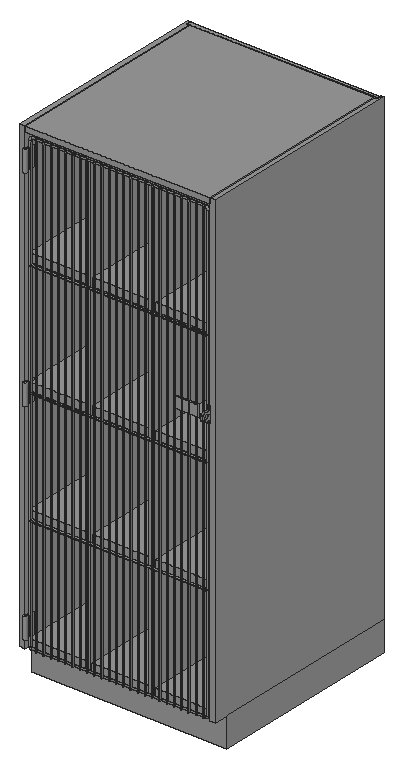
Revit family "TMI_M3003-Music_Wire Grille Doors1", category Casework, Revit 2016
Family settings
  OmniClass Number = 23.40.35.14.11
  OmniClass Title = Modular Casework
  Work Plane-Based = No
  Always vertical = Yes
  Cut with Voids When Loaded = No
  Shared = No
  Room Calculation Point = No
Parameters (values of type "27" x 68-5/8" x 29"")
  URL = "www.tmisystems.com"
  Toe Kick Height = 4"
  Toe Kick Depth = 2"
  Shelf Thickness = 1 1/8"
  Model = "M3003/M5003"
  Manufacturer = "TMI Systems Corporation"
  Interior Finish = none
  Individual Wire Grille Doors [instance] = not(Full Height Wire Grille Door)  # no
  Full Height Wire Grille Door [instance] = yes
  Filler Width (Hinge) [instance] = 3"
  Filler (Pull Side) [instance] = no
  Filler (Hinge Side) [instance] = no
  Filler Width (Pull) [instance] = 3"
  Description = "Clarinet, Flute, Oboe, Piccolo"
  Depth = 29"
  Height = 68 5/8"
  Width = 27"
  Casework Thickness = 3/4"
  Casework Back Thickness = 1/2"
  Cabinet Finish = Plastic Laminate
  Assembly Code = ""
Types (2): name | Depth
  27" x 68-5/8" x 29" | 29"
  27" x 68-5/8" x 39" | 39"
Reference planes (in)
  plane 1 "Back": y = 15
  plane 2: z = 0
  plane 3 "Center (Left/Right)": x = 0.7377
  plane 4 "Left": x = -12.7623
  plane 5 "Right": x = 14.2377
  plane 6 "Front": y = -14
  plane 7 "Top": z = 68.625
  plane 8: y = 14.375
  plane 9: x = -12.0123
  plane 10: x = 13.4877
  plane 11: z = 67.875
  plane 12: y = 14.875
  plane 13: y = -12
  plane 14: z = 4
  plane 15: z = 5.125
  plane 16: y = -13.61906
  plane 17: z = 52.75
  plane 18: y = -11.25
  plane 19: y = -13.25
  plane 20: x = -4.0123
  plane 21: x = -3.2623
  plane 22: x = -3.6373
  plane 23: x = 5.4877
  plane 24: x = 4.7377
  plane 25: x = 5.1127
  plane 26: z = 36.875
  plane 27: z = 21
  plane 28: y = -13.49461
  plane 29: z = 67.375
  plane 30: x = 13.8627
  plane 31: x = -12.3873
  plane 32: y = -13.60344
Forms (in)
  Extrusion 1, solid, material "Plastic Laminate" <- "Cabinet Finish"
    sketch origin (0, 0.21844, 0) x (1, 0, 0) y (0, 1, 0)
      loop
        line (-12.7623, 14.78156) -> (-12.7623, -14.21844) -> (-12.0123, -14.21844) -> (-12.0123, 14.15656) -> (-12.38677, 14.15656) -> (-12.38677, 14.78156) -> (-12.7623, 14.78156)
      loop
        line (13.86077, 14.78156) -> (13.86077, 14.15656) -> (13.4877, 14.15656) -> (13.4877, -14.21844) -> (14.2377, -14.21844) -> (14.2377, 14.78156) -> (13.86077, 14.78156)
    from 4 to 68.625
  Extrusion 2, solid, material "Plastic Laminate" <- "Cabinet Finish"
    sketch origin (0.84915, 11.94613, -1.44731) x (1, 0, 0) y (0, 0, 1)
      loop
        line (-12.86145, 6.57231) -> (-12.86145, 5.44731) -> (12.63855, 5.44731) -> (12.63855, 6.57231) -> (-12.86145, 6.57231)
    from -2.42887 to 25.54956
  Extrusion 3, solid, material "Plastic Laminate" <- "Cabinet Finish"
    sketch origin (0, 0, 0) x (1, 0, 0) y (0, 1, 0)
      loop
        line (-12.38677, 14.875) -> (-12.38677, 14.375) -> (13.86077, 14.375) -> (13.86077, 14.875) -> (-12.38677, 14.875)
    from 68.625 to 4
  Extrusion 4, solid, material "Plastic Laminate" <- "Cabinet Finish", visible <- "Filler (Pull Side)"
    sketch origin (0, -14, 0) x (1, 0, 0) y (0, 0, 1)
      loop
        line (14.2377, 68.625) -> (14.2377, 4) -> (17.2377, 4) -> (17.2377, 68.625) -> (14.2377, 68.625)
    from -0.75 to 0
  Extrusion 5, solid, material "Plastic Laminate" <- "Cabinet Finish", visible <- "Filler (Hinge Side)"
    sketch origin (0, -14, 0) x (1, 0, 0) y (0, 0, 1)
      loop
        line (-15.7623, 68.625) -> (-15.7623, 4) -> (-12.7623, 4) -> (-12.7623, 68.625) -> (-15.7623, 68.625)
    from -0.75 to 0
  Extrusion 6, solid, material "Wood"
    sketch origin (0, 0, 0) x (1, 0, 0) y (0, 0, 1)
      loop
        line (14.2377, 4) -> (-12.7623, 4) -> (-12.7623, 0) -> (14.2377, 0) -> (14.2377, 4)
    from -15 to 12
  Extrusion 7, solid, material "Wood", visible <- "Filler (Pull Side)"
    sketch origin (0, 0, 0) x (1, 0, 0) y (0, 0, 1)
      loop
        line (17.2377, 4) -> (14.2377, 4) -> (14.2377, 0) -> (17.2377, 0) -> (17.2377, 4)
    from 11.25 to 12
  Extrusion 8, solid, material "Wood", visible <- "Filler (Hinge Side)"
    sketch origin (0, 0, 0) x (1, 0, 0) y (0, 0, 1)
      loop
        line (-12.7623, 4) -> (-15.7623, 4) -> (-15.7623, 0) -> (-12.7623, 0) -> (-12.7623, 4)
    from 11.25 to 12
  Extrusion 9, solid, material "Plastic Laminate" <- "Cabinet Finish", visible <- "Full Height Wire Grille Door"
    sketch origin (-6, -14, 0) x (1, 0, 0) y (0, 0, 1)
      loop
        line (1.9877, 67.875) -> (1.9877, 4) -> (2.7377, 4) -> (2.7377, 67.875) -> (1.9877, 67.875)
    from -28.375 to -0.38094
  Extrusion 10, solid, material "Plastic Laminate" <- "Cabinet Finish"
    sketch origin (0, -14, 0) x (1, 0, 0) y (0, 0, 1)
      loop
        line (-12.0123, 52.75) -> (-12.0123, 51.625) -> (13.4877, 51.625) -> (13.4877, 52.75) -> (-12.0123, 52.75)
      loop
        line (-12.0123, 36.875) -> (-12.0123, 35.75) -> (13.4877, 35.75) -> (13.4877, 36.875) -> (-12.0123, 36.875)
      loop
        line (-12.0123, 19.875) -> (13.4877, 19.875) -> (13.4877, 21) -> (-12.0123, 21) -> (-12.0123, 19.875)
    from -28.375 to -0.50539
  Extrusion 11, solid, material "Plastic Laminate" <- "Cabinet Finish", visible <- "Full Height Wire Grille Door"
    sketch origin (67.5, -14, 0) x (1, 0, 0) y (0, 0, 1)
      loop
        line (-62.7623, 67.875) -> (-62.7623, 4) -> (-62.0123, 4) -> (-62.0123, 67.875) -> (-62.7623, 67.875)
    from -28.375 to -0.38094
  Extrusion 12, solid, material "Plastic Laminate" <- "Cabinet Finish"
    sketch origin (0, 15, 0) x (1, 0, 0) y (0, 0, 1)
      loop
        line (-12.0123, 68.625) -> (-12.0123, 67.875) -> (13.4877, 67.875) -> (13.4877, 68.625) -> (-12.0123, 68.625)
    from 0.625 to 29
  Extrusion 13, solid, material "Plastic Laminate" <- "Cabinet Finish", visible <- "Individual Wire Grille Doors"
    sketch origin (32, -14, 0) x (1, 0, 0) y (0, 0, 1)
      loop
        line (-36.0123, 67.875) -> (-36.0123, 4) -> (-35.2623, 4) -> (-35.2623, 67.875) -> (-36.0123, 67.875)
    from -28.375 to 0
  Extrusion 14, solid, material "Plastic Laminate" <- "Cabinet Finish", visible <- "Individual Wire Grille Doors"
    sketch origin (105.5, -14, 0) x (1, 0, 0) y (0, 0, 1)
      loop
        line (-100.7623, 67.875) -> (-100.7623, 4) -> (-100.0123, 4) -> (-100.0123, 67.875) -> (-100.7623, 67.875)
    from -28.375 to 0
Lines and regions (in)
  Masking region 1
    outline origin (44.5, 0, 0) x (1, 0, 0) y (0, 1, 0)
      loop
        line (-57.2623, 15) -> (-57.2623, -14) -> (-30.2623, -14) -> (-30.2623, 15) -> (-57.2623, 15)
  Masking region 2, visible <- "Filler (Hinge Side)"
    outline origin (0, 0, 0) x (1, 0, 0) y (0, 1, 0)
      loop
        line (-15.7623, -13.25) -> (-15.7623, -14) -> (-12.7623, -14) -> (-12.7623, -13.25) -> (-15.7623, -13.25)
  Masking region 3, visible <- "Filler (Pull Side)"
    outline origin (0, 0, 0) x (1, 0, 0) y (0, 1, 0)
      loop
        line (14.2377, -13.25) -> (14.2377, -14) -> (17.2377, -14) -> (17.2377, -13.25) -> (14.2377, -13.25)
  symbolic lines, style "CaseworkHiddenLines"
    curve 1: line (-4.8248, -14, 0) -> (-4.9498, -14, 0)
    curve 2: line (-12.7623, -13.61906, 25.3129) -> (-12.7623, -13.61906, 24.5629)
    curve 4: line (4.1752, -14, 0) -> (4.0502, -14, 0)
    curve 5: line (6.3002, -14, 0) -> (6.4252, -14, 0)
  symbolic lines, style "CaseworkHiddenLines", not visible
    curve 3: line (-12.7623, -13.61906, 25.3129) -> (-12.7623, -13.61906, 24.5629)
Dimensions and locks (in)
  "Width": plane 4 "Left" to plane 5 "Right"
  equal spacing: plane 4 "Left", plane 3 "Center (Left/Right)", plane 5 "Right"
  "Casework Thickness": plane 4 "Left" to plane 9
  "Casework Thickness": plane 10 to plane 5 "Right"
  "Casework Thickness": plane 7 "Top" to plane 11
  "Filler Width (Pull)": plane 5 "Right" to Extrusion 4
  "Filler Width (Hinge)": Extrusion 5 to plane 4 "Left"
  "Depth": plane 6 "Front" to plane 1 "Back"
  locked: plane 12 to plane 1 "Back" at 0.125
  "Toe Kick Depth": plane 13 to plane 6 "Front"
  "Toe Kick Height": plane 14 to level
  "Height": plane 7 "Top" to level
  "Shelf Thickness": Extrusion 10 sketch curve to Extrusion 10 sketch curve  (x3)
  locked: plane 6 "Front" to plane 16 at 0.38094
  locked: plane 6 "Front" to plane 19 at 0.75
  locked: plane 18 to plane 13 at 0.75
  equal spacing: plane 21, plane 22, plane 20
  "Casework Thickness": plane 21 to plane 20
  equal spacing: plane 24, plane 25, plane 23
  "Casework Thickness": plane 24 to plane 23
  plane 16 to plane 28 = 0.12445"
  locked: plane 11 to plane 29 at 0.5
  "Shelf Thickness": plane 15 to plane 14
  equal spacing: plane 7 "Top", plane 17, plane 26, plane 27, plane 15
  equal spacing: plane 31, plane 22, plane 25, plane 30
  equal spacing: plane 4 "Left", plane 31, plane 9
  equal spacing: plane 10, plane 30, plane 5 "Right"
  "Casework Back Thickness": plane 12 to plane 8
  locked: plane 16 to plane 32 at 0.01562
  aligned and locked: plane 2 to level
  aligned and locked: Extrusion 1 sketch curve to plane 4 "Left"
  aligned and locked: Extrusion 1 sketch curve to plane 9
  aligned and locked: Extrusion 1 sketch curve to plane 10
  aligned and locked: Extrusion 1 sketch curve to plane 5 "Right"
  aligned and locked: Extrusion 1 to plane 1 "Back"  (x2)
  aligned and locked: plane 8 to Extrusion 3 sketch curve
  aligned and locked: Extrusion 1 to plane 7 "Top"
  aligned and locked: plane 7 "Top" to Extrusion 4 sketch curve
  aligned and locked: Extrusion 4 sketch curve to plane 5 "Right"
  aligned and locked: plane 7 "Top" to Extrusion 5 sketch curve
  aligned and locked: Extrusion 7 to Extrusion 6
  aligned and locked: Extrusion 8 to Extrusion 6
  aligned and locked: plane 14 to Extrusion 8
  aligned and locked: plane 14 to Extrusion 6
  aligned and locked: plane 14 to Extrusion 7
  aligned and locked: Extrusion 4 to plane 14
  aligned and locked: Extrusion 5 to plane 14
  aligned and locked: Extrusion 1 to plane 14
  aligned and locked: Extrusion 2 to plane 14
  aligned and locked: plane 15 to Extrusion 2
  aligned and locked: Extrusion 6 to Extrusion 1
  aligned and locked: plane 1 "Back" to Masking region 1 sketch curve
  aligned and locked: Extrusion 8 to plane 13
  aligned and locked: plane 11 to Extrusion 9 sketch curve
  aligned and locked: plane 9 to Extrusion 10 sketch curve  (x2)
  aligned and locked: Extrusion 10 sketch curve to plane 9
  aligned and locked: plane 10 to Extrusion 10 sketch curve
  aligned and locked: Extrusion 10 sketch curve to plane 10  (x2)
  aligned and locked: plane 8 to Extrusion 10
  aligned and locked: plane 4 "Left" to Masking region 2 sketch curve
  aligned and locked: Masking region 3 sketch curve to plane 5 "Right"
  aligned and locked: Extrusion 10 to plane 17  (x2)
  aligned and locked: plane 6 "Front" to Extrusion 1  (x2)
  aligned and locked: plane 6 "Front" to Extrusion 4
  aligned and locked: plane 6 "Front" to Extrusion 5
  aligned and locked: curve 3 to plane 16
  aligned and locked: plane 18 to Extrusion 7
  aligned and locked: Extrusion 4 to plane 19
  aligned and locked: Extrusion 5 to plane 19
  aligned and locked: plane 18 to Extrusion 8
  aligned and locked: Extrusion 8 to Extrusion 5
  aligned and locked: Masking region 2 to Extrusion 5
  aligned and locked: Masking region 2 to plane 19
  aligned and locked: Extrusion 4 to Extrusion 7
  aligned and locked: Masking region 3 to Extrusion 4
  aligned and locked: Masking region 3 to plane 19
  aligned and locked: plane 27 to Extrusion 10
  aligned and locked: Extrusion 10 to plane 26
  aligned and locked: Extrusion 2 to plane 9
  aligned and locked: Extrusion 10 to plane 28
  aligned and locked: plane 16 to Extrusion 11
  aligned and locked: Extrusion 2 to plane 10
  aligned and locked: plane 8 to Extrusion 11
  aligned and locked: Extrusion 12 sketch curve to plane 11
  aligned and locked: plane 9 to Extrusion 12 sketch curve
  aligned and locked: Extrusion 12 sketch curve to plane 10
  aligned and locked: plane 6 "Front" to Extrusion 12
  aligned and locked: Extrusion 11 to plane 24
  aligned and locked: Extrusion 11 to plane 23
  aligned and locked: plane 9 to Extrusion 1
  aligned and locked: plane 6 "Front" to Masking region 1
  aligned and locked: Extrusion 12 to plane 7 "Top"
  aligned and locked: plane 8 to Extrusion 12
  aligned and locked: Extrusion 3 to Extrusion 1  (x2)
  aligned and locked: plane 8 to Extrusion 2
  aligned and locked: Extrusion 3 to plane 14
  aligned and locked: Extrusion 3 to plane 7 "Top"
  aligned and locked: plane 9 to nested 13
  aligned and locked: nested 13 to plane 14
  aligned and locked: nested 13 to plane 6 "Front"
  aligned and locked: nested 1 to plane 14
  aligned and locked: nested 2 to plane 14
  aligned and locked: nested 3 to plane 14
  aligned and locked: plane 29 to nested 10
  aligned and locked: plane 29 to nested 11
  aligned and locked: plane 29 to nested 12
  aligned and locked: nested 10 to plane 6 "Front"
  aligned and locked: nested 7 to plane 6 "Front"
  aligned and locked: nested 4 to plane 6 "Front"
  aligned and locked: nested 1 to plane 6 "Front"
  aligned and locked: nested 11 to plane 6 "Front"
  aligned and locked: nested 8 to plane 6 "Front"
  aligned and locked: nested 5 to plane 6 "Front"
  aligned and locked: nested 2 to plane 6 "Front"
  aligned and locked: nested 12 to plane 6 "Front"
  aligned and locked: nested 9 to plane 6 "Front"
  aligned and locked: nested 6 to plane 6 "Front"
  aligned and locked: nested 3 to plane 6 "Front"
  aligned and locked: nested 10 to plane 23
  aligned and locked: nested 7 to plane 23
  aligned and locked: nested 4 to plane 23
  aligned and locked: nested 1 to plane 23
  aligned and locked: nested 11 to plane 21
  aligned and locked: nested 8 to plane 21
  aligned and locked: nested 5 to plane 21
  aligned and locked: nested 2 to plane 21
  aligned and locked: plane 9 to nested 12
  aligned and locked: plane 9 to nested 9
  aligned and locked: plane 9 to nested 6
  aligned and locked: plane 9 to nested 3
  aligned and locked: plane 6 "Front" to Extrusion 13
  aligned and locked: plane 6 "Front" to Extrusion 14
  aligned and locked: plane 8 to Extrusion 13
  aligned and locked: plane 8 to Extrusion 14
  aligned and locked: Extrusion 13 to plane 11
  aligned and locked: Extrusion 14 to plane 11
  aligned and locked: Extrusion 13 to plane 20
  aligned and locked: Extrusion 13 to plane 21
  aligned and locked: Extrusion 14 to plane 24
  aligned and locked: Extrusion 14 to plane 23
  aligned and locked: Extrusion 10 to nested 4
  aligned and locked: Extrusion 10 to nested 5
  aligned and locked: Extrusion 10 to nested 6
  aligned and locked: Extrusion 10 to nested 7
  aligned and locked: Extrusion 10 to nested 8
  aligned and locked: Extrusion 10 to nested 9
  aligned and locked: plane 32 to Extrusion 2
  aligned and locked: Extrusion 13 to plane 14
  aligned and locked: Extrusion 9 to plane 14
  aligned and locked: Extrusion 11 to plane 14
  aligned and locked: Extrusion 14 to plane 14
  aligned and locked: plane 8 to Extrusion 9
Automatic sketch dimensions
  curve 1 to level = 0"
  curve 4 to level = 0"
  curve 5 to level = 0"
  curve 1 to plane 20 = 15/16"
  curve 1 to curve 1 = 1/8"
  curve 4 to plane 24 = 11/16"
  curve 4 to curve 4 = 1/8"
  curve 5 to plane 23 = 13/16"
  curve 5 to curve 5 = 1/8"
  plane 1 "Back" to Extrusion 1 sketch curve = 0"  (x2)
  Extrusion 1 sketch curve to plane 8 = 0"  (x2)
  plane 6 "Front" to Extrusion 1 sketch curve = 0"  (x2)
  Extrusion 1 sketch curve to plane 31 = 0.00052"
  plane 30 to Extrusion 1 sketch curve = 0.00194"
  Extrusion 2 sketch curve to plane 9 = 0"
  plane 10 to Extrusion 2 sketch curve = 0"
  Extrusion 2 sketch curve to plane 14 = 0"
  Extrusion 2 sketch curve to plane 15 = 0"
  Extrusion 3 sketch curve to plane 12 = 0"
  Extrusion 3 sketch curve to plane 31 = 0.00052"
  plane 30 to Extrusion 3 sketch curve = 0.00194"
  Extrusion 4 sketch curve to plane 14 = 0"
  Extrusion 4 sketch curve to plane 5 "Right" = 3"
  Extrusion 5 sketch curve to plane 14 = 0"
  plane 4 "Left" to Extrusion 5 sketch curve = 0"
  Extrusion 5 sketch curve to Extrusion 5 sketch curve = 3"
  plane 4 "Left" to Extrusion 6 sketch curve = 0"
  Extrusion 6 sketch curve to level = 0"
  plane 5 "Right" to Extrusion 6 sketch curve = 0"
  Extrusion 6 sketch curve to plane 14 = 0"
  plane 5 "Right" to Extrusion 7 sketch curve = 0"
  Extrusion 7 sketch curve to level = 0"
  Extrusion 7 sketch curve to plane 14 = 0"
  Extrusion 7 sketch curve to plane 5 "Right" = 3"
  Extrusion 8 sketch curve to plane 14 = 0"
  Extrusion 8 sketch curve to level = 0"
  plane 4 "Left" to Extrusion 8 sketch curve = 0"
  Extrusion 8 sketch curve to Extrusion 8 sketch curve = 3"
  Masking region 1 sketch curve to plane 4 "Left" = 0"
  Masking region 1 sketch curve to plane 5 "Right" = 0"
  plane 6 "Front" to Masking region 1 sketch curve = 0"
  Extrusion 9 sketch curve to plane 20 = 0"
  plane 21 to Extrusion 9 sketch curve = 0"
  Extrusion 10 sketch curve to plane 27 = 0"
  Extrusion 10 sketch curve to plane 26 = 0"
  Extrusion 10 sketch curve to plane 17 = 0"
  plane 6 "Front" to Masking region 2 sketch curve = 0"
  plane 19 to Masking region 2 sketch curve = 0"
  plane 4 "Left" to Masking region 2 sketch curve = 3"
  plane 6 "Front" to Masking region 3 sketch curve = 0"
  plane 19 to Masking region 3 sketch curve = 0"
  Masking region 3 sketch curve to Masking region 3 sketch curve = 3"
  Extrusion 11 sketch curve to plane 15 = 1 1/8"
  Extrusion 11 sketch curve to plane 24 = 0"
  plane 23 to Extrusion 11 sketch curve = 0"
  Extrusion 11 sketch curve to plane 11 = 0"
  Extrusion 12 sketch curve to plane 7 "Top" = 0"
  Extrusion 13 sketch curve to plane 15 = 1 1/8"
  Extrusion 13 sketch curve to plane 11 = 0"
  plane 5 "Right" to Extrusion 13 sketch curve = 18 1/4"
  Extrusion 13 sketch curve to Extrusion 13 sketch curve = 3/4"
  Extrusion 14 sketch curve to plane 15 = 1 1/8"
  Extrusion 14 sketch curve to plane 11 = 0"
  plane 5 "Right" to Extrusion 14 sketch curve = 9 1/2"
  Extrusion 14 sketch curve to Extrusion 14 sketch curve = 3/4"
  plane 27 to curve 2 = 3.5629"
  curve 2 to curve 2 = 3/4"
  Extrusion 9 sketch curve to plane 15 = 1 1/8"
Nested families (in)
  nested 1: "Individual Wire Grille Doors 27in Wide" at (9.48685, -13.76369, 4), visible <- "Individual Wire Grille Doors", type "Individual Wire Grille Doors 27in Wide"
    with Number of Verticle Bars 6, Bar Spacing 1"
  nested 2: "Individual Wire Grille Doors 27in Wide" at (0.73685, -13.76369, 4), visible <- "Individual Wire Grille Doors", type "Individual Wire Grille Doors 27in Wide"
    with Number of Verticle Bars 6, Bar Spacing 1"
  nested 3: "Individual Wire Grille Doors 27in Wide" at (-8.01315, -13.76369, 4), visible <- "Individual Wire Grille Doors", type "Individual Wire Grille Doors 27in Wide"
    with Number of Verticle Bars 6, Bar Spacing 1"
  nested 4: "Individual Wire Grille Doors 27in Wide" at (9.48685, -13.76369, 19.875), visible <- "Individual Wire Grille Doors", type "Individual Wire Grille Doors 27in Wide"
    with Number of Verticle Bars 6, Bar Spacing 1"
  nested 5: "Individual Wire Grille Doors 27in Wide" at (0.73685, -13.76369, 19.875), visible <- "Individual Wire Grille Doors", type "Individual Wire Grille Doors 27in Wide"
    with Number of Verticle Bars 6, Bar Spacing 1"
  nested 6: "Individual Wire Grille Doors 27in Wide" at (-8.01315, -13.76369, 19.875), visible <- "Individual Wire Grille Doors", type "Individual Wire Grille Doors 27in Wide"
    with Number of Verticle Bars 6, Bar Spacing 1"
  nested 7: "Individual Wire Grille Doors 27in Wide" at (9.48685, -13.76369, 35.75), visible <- "Individual Wire Grille Doors", type "Individual Wire Grille Doors 27in Wide"
    with Number of Verticle Bars 6, Bar Spacing 1"
  nested 8: "Individual Wire Grille Doors 27in Wide" at (0.73685, -13.76369, 35.75), visible <- "Individual Wire Grille Doors", type "Individual Wire Grille Doors 27in Wide"
    with Number of Verticle Bars 6, Bar Spacing 1"
  nested 9: "Individual Wire Grille Doors 27in Wide" at (-8.01315, -13.76369, 35.75), visible <- "Individual Wire Grille Doors", type "Individual Wire Grille Doors 27in Wide"
    with Number of Verticle Bars 6, Bar Spacing 1"
  nested 10: "Individual Wire Grille Doors 27in Wide" at (9.48685, -13.76369, 51.75), visible <- "Individual Wire Grille Doors", type "Individual Wire Grille Doors 27in Wide"
    with Number of Verticle Bars 6, Bar Spacing 1"
  nested 11: "Individual Wire Grille Doors 27in Wide" at (0.73685, -13.76369, 51.75), visible <- "Individual Wire Grille Doors", type "Individual Wire Grille Doors 27in Wide"
    with Number of Verticle Bars 6, Bar Spacing 1"
  nested 12: "Individual Wire Grille Doors 27in Wide" at (-8.01315, -13.76369, 51.75), visible <- "Individual Wire Grille Doors", type "Individual Wire Grille Doors 27in Wide"
    with Number of Verticle Bars 6, Bar Spacing 1"
  nested 13: "Full Height Wire Grille Door 27in Wide 63.5in High" at (0.73685, -13.76369, 4), visible <- "Full Height Wire Grille Door", type "Full Height Wire Grille Door 27in Wide 63.5in High"
    with Number of Verticle Bars 24, Bar Spacing 1"
Definition of nested family "Individual Wire Grille Doors 27in Wide"
  Parameters (values of type "Individual Wire Grille Doors 27in Wide")
    Width = 7"
    Pull height from Bottom of Casework = 33 13/16"
    Number of Verticle Bars [instance] = (Width / Bar Spacing) - 1  # 6
    Height = 15 5/8"
    Distance of Hinge from Edge of Casework = 2 13/16"
    Bar Spacing [instance] = 1"
  Reference planes (in)
    plane 1 "Center (Front/Back)": y = 0
    plane 2: z = 0
    plane 3 "Center (Left/Right)": x = 0
    plane 4: x = -3.62415
    plane 5: x = -3.37585
    plane 6: z = 15.625
    plane 7: z = 15.375
    plane 8: z = 15.5
    plane 9: x = -3.5
    plane 10: x = 3.63138
    plane 11: x = 3.36862
    plane 12: x = 3.5
    plane 13: z = 0.25
    plane 14: z = 0.125
    plane 15: y = -0.125
    plane 16: z = 7.8125
    plane 17: y = -0.17188
    plane 18: x = -2.5
    plane 19: y = 0.28516
    plane 20: x = 4.00638
    plane 21: y = -0.23631
    plane 22: z = 2.8125
    plane 23: z = 12.8125
    plane 24: z = 8.93853
    plane 25: z = 7.8125
  Forms (in)
    Sweep 1, solid
      path origin (0, 0, 0) x (1, 0, 0) y (0, 0, 1)
        loop
          arc (-3.25, 15.5) -> (-3.42678, 15.42678) -> (-3.5, 15.25) r 0.25
          line (-3.5, 15.25) -> (-3.5, 0.375)
          arc (-3.5, 0.375) -> (-3.42678, 0.19822) -> (-3.25, 0.125) r 0.25
          line (-3.25, 0.125) -> (3.25, 0.125)
          arc (3.25, 0.125) -> (3.42678, 0.19822) -> (3.5, 0.375) r 0.25
          line (3.5, 0.375) -> (3.5, 15.25)
          arc (3.5, 15.25) -> (3.42678, 15.42678) -> (3.25, 15.5) r 0.25
          line (3.25, 15.5) -> (-3.25, 15.5)
      profile "4 Circle : 4 Circle" origin (0, 0, 15.5) x (0, 0, 1) y (0, -1, 0)
        loop
          circle (0, 0) r 0.125
    Extrusion 2, solid
      sketch origin (0, 0, 0) x (0, 1, 0) y (0, 0, 1)
        loop
          circle (0, 7.8125) r 0.125
      from -3.5 to 3.5
    Extrusion 3, solid
      sketch origin (0.0625, 0, 0) x (1, 0, 0) y (0, 1, 0)
        loop
          circle (-2.5625, -0.17188) r 0.0625
      from 0 to 15.625
    Extrusion 4, solid
      sketch origin (1.0625, 0, 0) x (1, 0, 0) y (0, 1, 0)
        loop
          circle (-2.5625, -0.17188) r 0.0625
      from 0 to 15.625
    Extrusion 5, solid
      sketch origin (2.0625, 0, 0) x (1, 0, 0) y (0, 1, 0)
        loop
          circle (-2.5625, -0.17188) r 0.0625
      from 0 to 15.625
    Extrusion 6, solid
      sketch origin (3.0625, 0, 0) x (1, 0, 0) y (0, 1, 0)
        loop
          circle (-2.5625, -0.17188) r 0.0625
      from 0 to 15.625
    Extrusion 7, solid
      sketch origin (4.0625, 0, 0) x (1, 0, 0) y (0, 1, 0)
        loop
          circle (-2.5625, -0.17188) r 0.0625
      from 0 to 15.625
    Extrusion 8, solid
      sketch origin (5.0625, 0, 0) x (1, 0, 0) y (0, 1, 0)
        loop
          circle (-2.5625, -0.17188) r 0.0625
      from 0 to 15.625
    Extrusion 9, solid
      sketch origin (0, 0, 0) x (1, 0, 0) y (0, 0, 1)
        loop
          line (-0.80612, 8.5625) -> (-0.80612, 7.0625) -> (2.38138, 7.0625) -> (2.38138, 8.5625) -> (-0.80612, 8.5625)
      from 0.23631 to 0.33984
  Lines and regions (in)
    model lines
      curve 1: line (3.5, 0, 15.5) -> (-3.5, 0, 7.8125)
      curve 2: line (-3.5, 0, 7.8125) -> (3.5, 0, 0.125)
  Dimensions and locks (in)
    locked: plane 6 to plane 7 at 0.25
    equal spacing: plane 6, plane 8, plane 7
    equal spacing: plane 4, plane 9, plane 5
    locked: plane 4 to plane 5 at 0.24829
    equal spacing: plane 10, plane 12, plane 11
    plane 10 to plane 11 = 0.26276"
    equal spacing: plane 13, plane 14, plane 2
    locked: plane 13 to plane 2 at 0.25
    equal spacing: plane 12, plane 3 "Center (Left/Right)", plane 9
    locked: plane 15 to plane 1 "Center (Front/Back)" at 0.125
    "Width": plane 12 to plane 9
    "Height": plane 6 to plane 2
    plane 8 to plane 14 = 15 3/8"
    "Bar Spacing": plane 9 to plane 18
    locked: plane 15 to plane 17 at 0.04688
    plane 1 "Center (Front/Back)" to plane 19 = 73/256"
    locked: plane 10 to plane 20 at 0.375
    locked: plane 17 to plane 21 at 0.06444
    "Distance of Hinge from Edge of Casework": plane 6 to plane 23
    "Distance of Hinge from Edge of Casework": plane 22 to plane 2
    locked: plane 24 to plane 16 at 1.12603
    equal spacing: group 1, group 2, group 3, group 4, group 5, group 6  (x3)
    equal spacing: plane 6, plane 16, level
    locked: Extrusion 9 sketch curve to Extrusion 9 sketch curve at 3.1875
    locked: Extrusion 9 sketch curve to nested 1 at 1.25
    equal spacing: Extrusion 9 sketch curve, plane 25, Extrusion 9 sketch curve
    locked: Extrusion 9 sketch curve to Extrusion 9 sketch curve at 1.5
    aligned and locked: plane 12 to Sweep 1 sketch curve
    aligned and locked: Sweep 1 sketch curve to plane 8
    aligned and locked: plane 9 to Sweep 1 sketch curve
    aligned and locked: plane 14 to Sweep 1 sketch curve
    aligned and locked: nested 1 to plane 10
    aligned and locked: plane 19 to nested 1
    aligned and locked: plane 19 to nested 2
    aligned and locked: plane 10 to nested 1
    aligned and locked: nested 3 to plane 4
    aligned and locked: nested 3 to plane 21
    aligned and locked: nested 3 to plane 23
    aligned and locked: nested 4 to plane 4
    aligned and locked: nested 4 to plane 21
    aligned and locked: nested 4 to plane 22
    aligned and locked: Extrusion 2 to plane 9
    aligned and locked: Extrusion 2 to plane 12
    aligned and locked: Extrusion 3 to plane 2
    aligned and locked: plane 20 to nested 2
    aligned and locked: plane 17 to Extrusion 3
    aligned and locked: nested 2 to plane 24
    aligned and locked: nested 1 to plane 24
    aligned and locked: plane 6 to Extrusion 3
    aligned and locked: plane 16 to plane 25
    aligned and locked: plane 21 to Extrusion 9
    aligned and locked: nested 1 to Extrusion 9
  Automatic sketch dimensions
    plane 5 to Sweep 1 sketch curve = 0.12585"
    Sweep 1 sketch curve to Sweep 1 sketch curve = 1/4"  (x2)
    plane 11 to Sweep 1 sketch curve = 0.11862"
    Extrusion 2 sketch curve to plane 1 "Center (Front/Back)" = 0"
    Extrusion 2 sketch curve to plane 16 = 0"
    curve 2 to plane 9 = 0"
    plane 12 to curve 2 = 0"
    curve 1 to plane 8 = 0"
    plane 12 to curve 1 = 0"
    curve 2 to plane 14 = 0"
    curve 2 to plane 16 = 0"
    radius of Extrusion 2 sketch curve = 1/8"
    radius of Extrusion 3 sketch curve = 1/16"
    radius of Extrusion 4 sketch curve = 1/16"
    radius of Extrusion 5 sketch curve = 1/16"
    radius of Extrusion 6 sketch curve = 1/16"
    radius of Extrusion 7 sketch curve = 1/16"
    radius of Extrusion 8 sketch curve = 1/16"
  Nested families (in)
    nested 1: "Pad Lock" at (3.63138, -0.33984, 7.81353), type "Pad Lock"
    nested 2: "Pad Lock" at (3.94388, -0.33984, 7.81353), type "Pad Lock"
    nested 3: "5k hinge (music)" at (-3.8429, 0.76369, 11.40625) x (-1, 0, 0) z (0, 0, 1), type "5k hinge (music)"
      with Width 16"
    nested 4: "5k hinge (music)" at (-3.8429, 0.76369, 1.40625) x (-1, 0, 0) z (0, 0, 1), type "5k hinge (music)"
      with Width 16"
  Definition of nested family "Pad Lock"
    Reference planes (in)
      plane 1 "Center (Front/Back)": y = 0
      plane 2: z = 0
      plane 3 "Center (Left/Right)": x = 0
      plane 4: z = 1.125
      plane 5: z = -1.125
      plane 6: y = -1.125
      plane 7: y = 0.625
      plane 8: y = -0.5625
      plane 9: x = 0.0625
    Forms (in)
      Extrusion 1, solid
        sketch origin (0, 0.00036, 0.01611) x (0, 0, 1) y (0, -1, 0)
          loop
            line (0.98389, 0) -> (0.56967, 0) -> (0.56967, 0.56286)
            arc (0.56967, 0.56286) -> (0, 1.13253) -> (-0.56967, 0.56286) r 0.56967
            line (-0.56967, 0.56286) -> (-0.56967, 0) -> (-1.01611, 0)
            arc (-1.01611, 0) -> (-1.1045, -0.03661) -> (-1.14111, -0.125) r 0.125
            line (-1.14111, -0.125) -> (-1.14111, -0.62464) -> (1.10889, -0.62464) -> (1.10889, -0.125)
            arc (1.10889, -0.125) -> (1.07227, -0.03661) -> (0.98389, 0) r 0.125
          loop
            circle (0, 0.56286) r 0.375
        from 0 to 0.0625
    Dimensions and locks (in)
      locked: plane 4 to plane 5 at 2.25
      locked: plane 6 to plane 7 at 1.75
      locked: plane 9 to plane 3 "Center (Left/Right)" at 0.0625
      equal spacing: plane 1 "Center (Front/Back)", plane 8, plane 6
      locked: plane 7 to plane 1 "Center (Front/Back)" at 0.625
      equal spacing: plane 5, plane 2, plane 4
      aligned and locked: plane 2 to level
      aligned and locked: plane 9 to Extrusion 1
    Automatic sketch dimensions
      Extrusion 1 sketch curve to Extrusion 1 sketch curve = 0"  (x2)
      Extrusion 1 sketch curve to plane 5 = 0"
      Extrusion 1 sketch curve to plane 8 = 0"
      plane 4 to Extrusion 1 sketch curve = 0"
      Extrusion 1 sketch curve to plane 7 = 0"
      Extrusion 1 sketch curve to plane 1 "Center (Front/Back)" = 0.00036"
      plane 5 to Extrusion 1 sketch curve = 1/8"
      Extrusion 1 sketch curve to level = 0.55355"
      level to Extrusion 1 sketch curve = 0.01611"
      Extrusion 1 sketch curve to Extrusion 1 sketch curve = 1/8"
      Extrusion 1 sketch curve to plane 1 "Center (Front/Back)" = 0.12536"
      radius of Extrusion 1 sketch curve = 3/8"
  Definition of nested family "5k hinge (music)"
    Parameters (values of type "5k hinge (music)")
      door thickness = 1"
      Width [instance] = 16"
      Hinge Distance from Door = 9/16"
      5K hinge size = 2 13/16"
    Reference planes (in)
      plane 1 "Center (Front/Back)": y = 0
      plane 2: z = 0
      plane 3 "Center (Left/Right)": x = 0
      plane 4: x = -0.15625
      plane 5: y = -1
      plane 6: y = -0.5
      plane 7: y = -1.5625
      plane 8: y = -1.28125
      plane 9: x = 0.15625
      plane 10: z = 2.8125
      plane 11: z = 1.40625
      plane 12: x = -0.21875
    Forms (in)
      Extrusion 1, solid
        sketch origin (-8.15625, 0, 0) x (1, 0, 0) y (0, 1, 0)
          loop
            line (8.15625, -1) -> (8.15625, -1.04949)
            arc (8.15625, -1.04949) -> (7.85521, -1.421) -> (8.3125, -1.28125) r 0.25
            line (8.3125, -1.28125) -> (8.3125, 0) -> (8.15625, 0) -> (7.9375, 0) -> (7.9375, -1) -> (8.15625, -1)
        from 0 to 2.8125
    Dimensions and locks (in)
      equal spacing: plane 1 "Center (Front/Back)", plane 6, plane 5
      "Hinge Distance from Door": plane 5 to plane 7
      equal spacing: plane 5, plane 8, plane 7
      "5K hinge size": plane 10 to plane 2
      "door thickness": plane 1 "Center (Front/Back)" to plane 5
      equal spacing: plane 10, plane 11, plane 2
      equal spacing: plane 4, plane 3 "Center (Left/Right)", plane 9
      plane 4 to plane 9 = 5/16"
      plane 12 to plane 4 = 1/16"
      aligned and locked: plane 2 to level
      aligned and locked: plane 5 to Extrusion 1 sketch curve
      aligned and locked: Extrusion 1 to plane 10
      aligned and locked: plane 9 to Extrusion 1
      aligned and locked: Extrusion 1 to plane 2
      aligned and locked: plane 12 to Extrusion 1 sketch curve
    Automatic sketch dimensions
      Extrusion 1 sketch curve to plane 8 = 0"
      plane 1 "Center (Front/Back)" to Extrusion 1 sketch curve = 0"
      Extrusion 1 sketch curve to plane 9 = 0"
      plane 4 to Extrusion 1 sketch curve = 1/16"
      Extrusion 1 sketch curve to plane 3 "Center (Left/Right)" = 0"  (x2)
Definition of nested family "Full Height Wire Grille Door 27in Wide 63.5in High"
  Parameters (values of type "Full Height Wire Grille Door 27in Wide 63.5in High")
    Width = 24 1/2"
    Pull height from Bottom of Casework = 37 13/16"
    Number of Verticle Bars [instance] = (Width / Bar Spacing) - 1  # 24
    Height = 63 3/8"
    Distance of Hinge from Edge of Casework = 2 13/16"
    Bar Spacing [instance] = 1"
  Reference planes (in)
    plane 1 "Center (Front/Back)": y = 0
    plane 2: z = 0
    plane 3 "Center (Left/Right)": x = 0
    plane 4: x = -12.37415
    plane 5: x = -12.12585
    plane 6: z = 63.375
    plane 7: z = 63.125
    plane 8: z = 63.25
    plane 9: x = -12.25
    plane 10: x = 12.38138
    plane 11: x = 12.11862
    plane 12: x = 12.25
    plane 13: z = 0.25
    plane 14: z = 0.125
    plane 15: y = -0.125
    plane 16: z = 31.6875
    plane 17: z = 31.6875
    plane 18: z = 47.46875
    plane 19: z = 15.90625
    plane 20: y = -0.17188
    plane 21: x = -11.25
    plane 22: y = 0.28516
    plane 23: x = 12.75638
    plane 24: y = -0.23631
    plane 25: z = 37.8125
    plane 26: z = 2.8125
    plane 27: z = 60.5625
    plane 28: z = 38.9375
    plane 29: z = 37.8125
  Forms (in)
    Sweep 1, solid
      path origin (0, 0, 0) x (1, 0, 0) y (0, 0, 1)
        loop
          arc (-12, 63.25) -> (-12.17678, 63.17678) -> (-12.25, 63) r 0.25
          line (-12.25, 63) -> (-12.25, 0.375)
          arc (-12.25, 0.375) -> (-12.17678, 0.19822) -> (-12, 0.125) r 0.25
          line (-12, 0.125) -> (12, 0.125)
          arc (12, 0.125) -> (12.17678, 0.19822) -> (12.25, 0.375) r 0.25
          line (12.25, 0.375) -> (12.25, 63)
          arc (12.25, 63) -> (12.17678, 63.17678) -> (12, 63.25) r 0.25
          line (12, 63.25) -> (-12, 63.25)
      profile "4 Circle : 4 Circle" origin (0, 0, 63.25) x (0, 0, 1) y (0, -1, 0)
        loop
          circle (0, 0) r 0.125
    Extrusion 2, solid
      sketch origin (0, 0, 0) x (0, 1, 0) y (0, 0, 1)
        loop
          circle (0, 47.46875) r 0.125
        loop
          circle (0, 31.6875) r 0.125
        loop
          circle (0, 15.90625) r 0.125
      from -12.25 to 12.25
    Extrusion 3, solid
      sketch origin (-0.62456, 0, 0) x (1, 0, 0) y (0, 1, 0)
        loop
          circle (-10.62544, -0.17188) r 0.0625
      from 0 to 63.375
    Extrusion 4, solid
      sketch origin (0.37544, 0, 0) x (1, 0, 0) y (0, 1, 0)
        loop
          circle (-10.62544, -0.17188) r 0.0625
      from 0 to 63.375
    Extrusion 5, solid
      sketch origin (1.37544, 0, 0) x (1, 0, 0) y (0, 1, 0)
        loop
          circle (-10.62544, -0.17188) r 0.0625
      from 0 to 63.375
    Extrusion 6, solid
      sketch origin (2.37544, 0, 0) x (1, 0, 0) y (0, 1, 0)
        loop
          circle (-10.62544, -0.17188) r 0.0625
      from 0 to 63.375
    Extrusion 7, solid
      sketch origin (3.37544, 0, 0) x (1, 0, 0) y (0, 1, 0)
        loop
          circle (-10.62544, -0.17188) r 0.0625
      from 0 to 63.375
    Extrusion 8, solid
      sketch origin (4.37544, 0, 0) x (1, 0, 0) y (0, 1, 0)
        loop
          circle (-10.62544, -0.17188) r 0.0625
      from 0 to 63.375
    Extrusion 9, solid
      sketch origin (5.37544, 0, 0) x (1, 0, 0) y (0, 1, 0)
        loop
          circle (-10.62544, -0.17188) r 0.0625
      from 0 to 63.375
    Extrusion 10, solid
      sketch origin (6.37544, 0, 0) x (1, 0, 0) y (0, 1, 0)
        loop
          circle (-10.62544, -0.17188) r 0.0625
      from 0 to 63.375
    Extrusion 11, solid
      sketch origin (7.37544, 0, 0) x (1, 0, 0) y (0, 1, 0)
        loop
          circle (-10.62544, -0.17188) r 0.0625
      from 0 to 63.375
    Extrusion 12, solid
      sketch origin (8.37544, 0, 0) x (1, 0, 0) y (0, 1, 0)
        loop
          circle (-10.62544, -0.17188) r 0.0625
      from 0 to 63.375
    Extrusion 13, solid
      sketch origin (9.37544, 0, 0) x (1, 0, 0) y (0, 1, 0)
        loop
          circle (-10.62544, -0.17188) r 0.0625
      from 0 to 63.375
    Extrusion 14, solid
      sketch origin (10.37544, 0, 0) x (1, 0, 0) y (0, 1, 0)
        loop
          circle (-10.62544, -0.17188) r 0.0625
      from 0 to 63.375
    Extrusion 15, solid
      sketch origin (11.37544, 0, 0) x (1, 0, 0) y (0, 1, 0)
        loop
          circle (-10.62544, -0.17188) r 0.0625
      from 0 to 63.375
    Extrusion 16, solid
      sketch origin (12.37544, 0, 0) x (1, 0, 0) y (0, 1, 0)
        loop
          circle (-10.62544, -0.17188) r 0.0625
      from 0 to 63.375
    Extrusion 17, solid
      sketch origin (13.37544, 0, 0) x (1, 0, 0) y (0, 1, 0)
        loop
          circle (-10.62544, -0.17188) r 0.0625
      from 0 to 63.375
    Extrusion 18, solid
      sketch origin (14.37544, 0, 0) x (1, 0, 0) y (0, 1, 0)
        loop
          circle (-10.62544, -0.17188) r 0.0625
      from 0 to 63.375
    Extrusion 19, solid
      sketch origin (15.37544, 0, 0) x (1, 0, 0) y (0, 1, 0)
        loop
          circle (-10.62544, -0.17188) r 0.0625
      from 0 to 63.375
    Extrusion 20, solid
      sketch origin (16.37544, 0, 0) x (1, 0, 0) y (0, 1, 0)
        loop
          circle (-10.62544, -0.17188) r 0.0625
      from 0 to 63.375
    Extrusion 21, solid
      sketch origin (17.37544, 0, 0) x (1, 0, 0) y (0, 1, 0)
        loop
          circle (-10.62544, -0.17188) r 0.0625
      from 0 to 63.375
    Extrusion 22, solid
      sketch origin (18.37544, 0, 0) x (1, 0, 0) y (0, 1, 0)
        loop
          circle (-10.62544, -0.17188) r 0.0625
      from 0 to 63.375
    Extrusion 23, solid
      sketch origin (19.37544, 0, 0) x (1, 0, 0) y (0, 1, 0)
        loop
          circle (-10.62544, -0.17188) r 0.0625
      from 0 to 63.375
    Extrusion 24, solid
      sketch origin (20.37544, 0, 0) x (1, 0, 0) y (0, 1, 0)
        loop
          circle (-10.62544, -0.17188) r 0.0625
      from 0 to 63.375
    Extrusion 25, solid
      sketch origin (21.37544, 0, 0) x (1, 0, 0) y (0, 1, 0)
        loop
          circle (-10.62544, -0.17188) r 0.0625
      from 0 to 63.375
    Extrusion 26, solid
      sketch origin (22.37544, 0, 0) x (1, 0, 0) y (0, 1, 0)
        loop
          circle (-10.62544, -0.17188) r 0.0625
      from 0 to 63.375
    Extrusion 27, solid
      sketch origin (0, 0, 0) x (1, 0, 0) y (0, 0, 1)
        loop
          line (7.94388, 38.5625) -> (7.94388, 37.0625) -> (11.13138, 37.0625) -> (11.13138, 38.5625) -> (7.94388, 38.5625)
      from 0.23631 to 0.33984
  Lines and regions (in)
    model lines
      curve 1: line (12.25638, 0, 63.25) -> (-12.25, 0, 31.6875)
      curve 2: line (-12.25, 0, 31.6875) -> (12.25, 0, 0.125)
  Dimensions and locks (in)
    locked: plane 6 to plane 7 at 0.25
    equal spacing: plane 6, plane 8, plane 7
    equal spacing: plane 4, plane 9, plane 5
    locked: plane 4 to plane 5 at 0.24829
    equal spacing: plane 10, plane 12, plane 11
    plane 10 to plane 11 = 0.26276"
    equal spacing: plane 13, plane 14, plane 2
    locked: plane 13 to plane 2 at 0.25
    equal spacing: plane 12, plane 3 "Center (Left/Right)", plane 9
    locked: plane 15 to plane 1 "Center (Front/Back)" at 0.125
    "Width": plane 12 to plane 9
    "Height": plane 6 to plane 2
    equal spacing: plane 8, plane 18, plane 17, plane 19, plane 14
    "Bar Spacing": plane 9 to plane 21
    locked: plane 15 to plane 20 at 0.04688
    plane 1 "Center (Front/Back)" to plane 22 = 73/256"
    locked: plane 10 to plane 23 at 0.375
    locked: plane 20 to plane 24 at 0.06444
    "Pull height from Bottom of Casework": plane 25 to plane 2
    "Distance of Hinge from Edge of Casework": plane 6 to plane 27
    "Distance of Hinge from Edge of Casework": plane 26 to plane 2
    locked: plane 28 to plane 25 at 1.125
    equal spacing: group 1, group 2, group 3, group 4, group 5, group 6, group 7, group 8, group 9, group 10, group 11, group 12, group 13, group 14, group 15, group 16, group 17, group 18, group 19, group 20, group 21, group 22, group 23, group 24  (x3)
    equal spacing: plane 6, plane 16, level
    locked: Extrusion 27 sketch curve to Extrusion 27 sketch curve at 3.1875
    locked: Extrusion 27 sketch curve to Extrusion 27 sketch curve at 1.5
    equal spacing: Extrusion 27 sketch curve, plane 29, Extrusion 27 sketch curve
    locked: nested 1 to Extrusion 27 sketch curve at 1.25
    aligned and locked: plane 2 to level
    aligned and locked: Sweep 1 sketch curve to plane 12
    aligned and locked: Sweep 1 sketch curve to plane 8
    aligned and locked: plane 9 to Sweep 1 sketch curve
    aligned and locked: plane 14 to Sweep 1 sketch curve
    aligned and locked: Extrusion 2 to plane 12
    aligned and locked: Extrusion 2 to plane 9
    aligned and locked: Extrusion 3 to plane 2
    aligned and locked: nested 1 to plane 10
    aligned and locked: nested 1 to plane 22
    aligned and locked: plane 23 to nested 2
    aligned and locked: nested 2 to plane 22
    aligned and locked: plane 10 to nested 1
    aligned and locked: nested 3 to plane 4
    aligned and locked: plane 24 to nested 3
    aligned and locked: nested 3 to plane 27
    aligned and locked: nested 4 to plane 4
    aligned and locked: plane 24 to nested 4
    aligned and locked: nested 4 to plane 26
    aligned and locked: nested 5 to plane 4
    aligned and locked: nested 5 to plane 16
    aligned and locked: plane 24 to nested 5
    aligned and locked: plane 28 to nested 2
    aligned and locked: plane 28 to nested 1
    aligned and locked: plane 6 to Extrusion 3
    aligned and locked: plane 29 to plane 25
    aligned and locked: plane 24 to Extrusion 27
    aligned and locked: nested 1 to Extrusion 27
  Automatic sketch dimensions
    Extrusion 2 sketch curve to plane 1 "Center (Front/Back)" = 0"  (x3)
    Extrusion 2 sketch curve to plane 19 = 0"
    Extrusion 2 sketch curve to plane 17 = 0"
    Extrusion 2 sketch curve to plane 18 = 0"
    plane 5 to Sweep 1 sketch curve = 0.12585"
    Sweep 1 sketch curve to plane 7 = 1/8"
    plane 11 to Sweep 1 sketch curve = 0.11862"  (x2)
    curve 2 to plane 9 = 0"
    plane 12 to curve 2 = 0"
    curve 1 to plane 8 = 0"
    curve 2 to plane 14 = 0"
    curve 2 to plane 16 = 0"
    curve 1 to plane 12 = 0.00638"
    radius of Extrusion 3 sketch curve = 1/16"
    radius of Extrusion 2 sketch curve = 1/8"  (x3)
    radius of Extrusion 4 sketch curve = 1/16"
    radius of Extrusion 5 sketch curve = 1/16"
    radius of Extrusion 6 sketch curve = 1/16"
    radius of Extrusion 7 sketch curve = 1/16"
    radius of Extrusion 8 sketch curve = 1/16"
    radius of Extrusion 9 sketch curve = 1/16"
    radius of Extrusion 10 sketch curve = 1/16"
    radius of Extrusion 11 sketch curve = 1/16"
    radius of Extrusion 12 sketch curve = 1/16"
    radius of Extrusion 13 sketch curve = 1/16"
    radius of Extrusion 14 sketch curve = 1/16"
    radius of Extrusion 15 sketch curve = 1/16"
    radius of Extrusion 16 sketch curve = 1/16"
    radius of Extrusion 17 sketch curve = 1/16"
    radius of Extrusion 18 sketch curve = 1/16"
    radius of Extrusion 19 sketch curve = 1/16"
    radius of Extrusion 20 sketch curve = 1/16"
    radius of Extrusion 21 sketch curve = 1/16"
    radius of Extrusion 22 sketch curve = 1/16"
    radius of Extrusion 23 sketch curve = 1/16"
    radius of Extrusion 24 sketch curve = 1/16"
    radius of Extrusion 25 sketch curve = 1/16"
    radius of Extrusion 26 sketch curve = 1/16"
  Nested families (in)
    nested 1: "Pad Lock" at (12.38138, -0.33984, 37.8125), type "Pad Lock"
    nested 2: "Pad Lock" at (12.69388, -0.33984, 37.8125), type "Pad Lock"
    nested 3: "5k hinge (music)" at (-12.5929, 0.76369, 59.15625) x (-1, 0, 0) z (0, 0, 1), type "5k hinge (music)"
      with Width 16"
    nested 4: "5k hinge (music)" at (-12.5929, 0.76369, 1.40625) x (-1, 0, 0) z (0, 0, 1), type "5k hinge (music)"
      with Width 16"
    nested 5: "5k hinge (music)" at (-12.5929, 0.76369, 30.28125) x (-1, 0, 0) z (0, 0, 1), type "5k hinge (music)"
      with Width 16"
  Definition of nested family "Pad Lock"
    Reference planes (in)
      plane 1 "Center (Front/Back)": y = 0
      plane 2: z = 0
      plane 3 "Center (Left/Right)": x = 0
      plane 4: z = 1.125
      plane 5: z = -1.125
      plane 6: y = -1.125
      plane 7: y = 0.625
      plane 8: y = -0.5625
      plane 9: x = 0.0625
    Forms (in)
      Extrusion 1, solid
        sketch origin (0, 0.00036, 0.01611) x (0, 0, 1) y (0, -1, 0)
          loop
            line (0.98389, 0) -> (0.56967, 0) -> (0.56967, 0.56286)
            arc (0.56967, 0.56286) -> (0, 1.13253) -> (-0.56967, 0.56286) r 0.56967
            line (-0.56967, 0.56286) -> (-0.56967, 0) -> (-1.01611, 0)
            arc (-1.01611, 0) -> (-1.1045, -0.03661) -> (-1.14111, -0.125) r 0.125
            line (-1.14111, -0.125) -> (-1.14111, -0.62464) -> (1.10889, -0.62464) -> (1.10889, -0.125)
            arc (1.10889, -0.125) -> (1.07227, -0.03661) -> (0.98389, 0) r 0.125
          loop
            circle (0, 0.56286) r 0.375
        from 0 to 0.0625
    Dimensions and locks (in)
      locked: plane 4 to plane 5 at 2.25
      locked: plane 6 to plane 7 at 1.75
      locked: plane 9 to plane 3 "Center (Left/Right)" at 0.0625
      equal spacing: plane 1 "Center (Front/Back)", plane 8, plane 6
      locked: plane 7 to plane 1 "Center (Front/Back)" at 0.625
      equal spacing: plane 5, plane 2, plane 4
      aligned and locked: plane 2 to level
      aligned and locked: plane 9 to Extrusion 1
    Automatic sketch dimensions
      Extrusion 1 sketch curve to Extrusion 1 sketch curve = 0"  (x2)
      Extrusion 1 sketch curve to plane 5 = 0"
      Extrusion 1 sketch curve to plane 8 = 0"
      plane 4 to Extrusion 1 sketch curve = 0"
      Extrusion 1 sketch curve to plane 7 = 0"
      Extrusion 1 sketch curve to plane 1 "Center (Front/Back)" = 0.00036"
      plane 5 to Extrusion 1 sketch curve = 1/8"
      Extrusion 1 sketch curve to level = 0.55355"
      level to Extrusion 1 sketch curve = 0.01611"
      Extrusion 1 sketch curve to Extrusion 1 sketch curve = 1/8"
      Extrusion 1 sketch curve to plane 1 "Center (Front/Back)" = 0.12536"
      radius of Extrusion 1 sketch curve = 3/8"
  Definition of nested family "5k hinge (music)"
    Parameters (values of type "5k hinge (music)")
      door thickness = 1"
      Width [instance] = 16"
      Hinge Distance from Door = 9/16"
      5K hinge size = 2 13/16"
    Reference planes (in)
      plane 1 "Center (Front/Back)": y = 0
      plane 2: z = 0
      plane 3 "Center (Left/Right)": x = 0
      plane 4: x = -0.15625
      plane 5: y = -1
      plane 6: y = -0.5
      plane 7: y = -1.5625
      plane 8: y = -1.28125
      plane 9: x = 0.15625
      plane 10: z = 2.8125
      plane 11: z = 1.40625
      plane 12: x = -0.21875
    Forms (in)
      Extrusion 1, solid
        sketch origin (-8.15625, 0, 0) x (1, 0, 0) y (0, 1, 0)
          loop
            line (8.15625, -1) -> (8.15625, -1.04949)
            arc (8.15625, -1.04949) -> (7.85521, -1.421) -> (8.3125, -1.28125) r 0.25
            line (8.3125, -1.28125) -> (8.3125, 0) -> (8.15625, 0) -> (7.9375, 0) -> (7.9375, -1) -> (8.15625, -1)
        from 0 to 2.8125
    Dimensions and locks (in)
      equal spacing: plane 1 "Center (Front/Back)", plane 6, plane 5
      "Hinge Distance from Door": plane 5 to plane 7
      equal spacing: plane 5, plane 8, plane 7
      "5K hinge size": plane 10 to plane 2
      "door thickness": plane 1 "Center (Front/Back)" to plane 5
      equal spacing: plane 10, plane 11, plane 2
      equal spacing: plane 4, plane 3 "Center (Left/Right)", plane 9
      plane 4 to plane 9 = 5/16"
      plane 12 to plane 4 = 1/16"
      aligned and locked: plane 2 to level
      aligned and locked: plane 5 to Extrusion 1 sketch curve
      aligned and locked: Extrusion 1 to plane 10
      aligned and locked: plane 9 to Extrusion 1
      aligned and locked: Extrusion 1 to plane 2
      aligned and locked: plane 12 to Extrusion 1 sketch curve
    Automatic sketch dimensions
      Extrusion 1 sketch curve to plane 8 = 0"
      plane 1 "Center (Front/Back)" to Extrusion 1 sketch curve = 0"
      Extrusion 1 sketch curve to plane 9 = 0"
      plane 4 to Extrusion 1 sketch curve = 1/16"
      Extrusion 1 sketch curve to plane 3 "Center (Left/Right)" = 0"  (x2)
